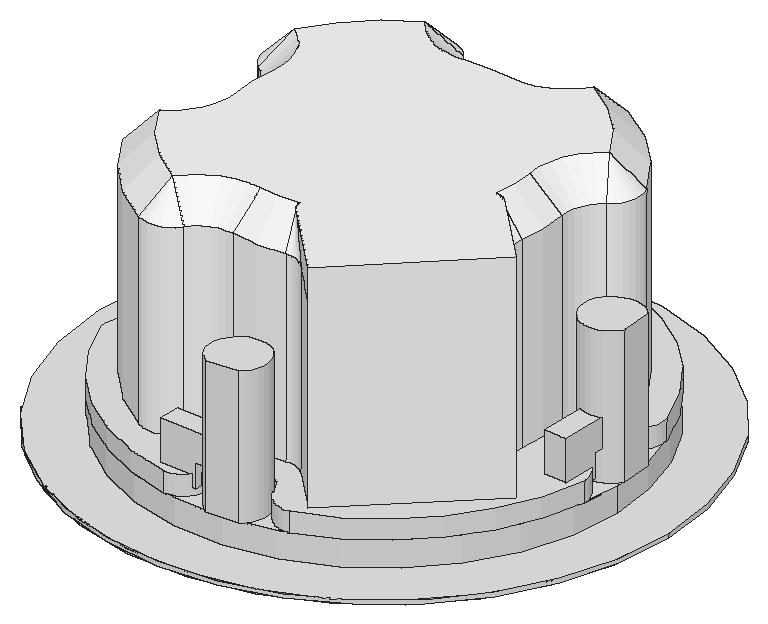
Revit family "CVS4 Micro", category Communication Devices, Revit 2020
Family settings
  Maintain Annotation Orientation = No
  Round Connector Dimension = Use Diameter
  Part Type = Normal
  Work Plane-Based = Yes
  Always vertical = No
  Cut with Voids When Loaded = Yes
  Shared = No
  Room Calculation Point = No
Parameters
  White [instance] = yes
  Weight (kg) [instance] = 6.2  # constant formula
  Thickness [instance] = 12 mm
  Taps [instance] = "15, 7.5, 3.75, 1.9"  # constant formula
  Sensitivity [instance] = 87  # constant formula
  SPL Max (Peak) [instance] = 109  # constant formula
  Power Handling (Average) [instance] = 40  # constant formula
  Model = "CVS4 Micro"
  Manufacturer = "Tannoy"
  Impedance [instance] = 6  # constant formula
  Grille [instance] = yes
  Default Elevation = 0 mm
  Black [instance] = not(White)  # no
Reference planes
  plane 1 "Center (Front/Back)": y = 0
  plane 2: z = 0
  plane 3 "Center (Left/Right)": x = 0
Forms (mm)
  Extrusion 1, solid, not visible
    sketch origin (0, 0, 0) x (1, 0, 0) y (0, 1, 0)
      loop
        line (-500, 500) -> (-500, -500) -> (500, -500) -> (500, 500) -> (-500, 500)
    from 0 to 12 <- "Thickness"
  Extrusion 2, void
    sketch origin (0, 0, 0) x (1, 0, 0) y (0, 1, 0)
      loop
        circle (0, 0) r 90
    from 0 to 12 <- "Thickness"
Cuts and joins
  Extrusion 2 cuts Extrusion 1
Dimensions and locks
  aligned and locked: level to plane 2
Nested families
  nested 1: "CVS4 Micro - base2" at (0, 0, 0), Thickness <- "Thickness", Grille <- "Grille", White <- "White", type "CVS4 Micro - base2"
    with White yes, Thickness 12 mm, Grille yes, Black no
Connectors
  electrical at (57.491, -52.865, 46.369)
    settings: on nested 1, index 1, voltage 0 V, apparent load 0 VA, apparent load phase1 0 VA, apparent load phase2 0 VA, apparent load phase3 0 VA, power factor 1, load classification "Other", number of poles 1, system type 14, power factor state 1, is connector primary yes, connector utility no, sub classification motor no, connector description "Speaker In"
Definition of nested family "CVS4 Micro - base2"
  Parameters (values of type "CVS4 Micro - base2")
    White [instance] = yes
    Thickness [instance] = 12 mm
    Model = "CVS 4 Micro"
    Manufacturer = "Tannoy"
    Grille [instance] = yes
    Default Elevation = 0 mm
    Black [instance] = not(White)  # no
  Reference planes
    plane 1 "Center (Front/Back)": y = 0
    plane 2: z = 0
    plane 3 "Center (Left/Right)": x = 0
  Lines and regions (mm)
    model lines, detail levels coarse
      curve 1: circle (0, 0, 0) r 106.5 normal (0, 0, 1)
  Dimensions and locks
    aligned and locked: level to plane 2
  Nested families
    nested 1: "CVS4 Micro - base1 - White" at (0, 0, 0), visible <- "White", Thickness <- "Thickness", Grille <- "Grille", type "CVS4 Micro - base1 - White", detail levels medium+fine
      with Thickness 12 mm, Grille yes
    nested 2: "CVS4 Micro - base1 - Black" at (0, 0, 0), visible <- "Black", Thickness <- "Thickness", Grille <- "Grille", type "CVS4 Micro - base1 - Black", detail levels medium+fine
      with Thickness 12 mm, Grille yes
  Definition of nested family "CVS4 Micro - base1 - White"
    Parameters (values of type "CVS4 Micro - base1 - White")
      Thickness [instance] = 12 mm
      Model = "CVS4 Micro"
      Manufacturer = "Tannoy"
      Grille [instance] = yes
      Default Elevation = 0 mm
    Reference planes
      plane 1 "Center (Front/Back)": y = 0
      plane 2: z = 0
      plane 3 "Center (Left/Right)": x = 0
      plane 4 "Driver Plane": z = -1.491
    Forms (mm)
      Extrusion 1, solid
        sketch origin (0, 0, 0) x (1, 0, 0) y (0, 1, 0)
          loop
            circle (0, 0) r 106.5
        from -1.491 to 0
      Blend 2, solid
        base sketch origin (0, 0, 0) x (1, 0, 0) y (0, 1, 0)
          loop
            circle (0, 0) r 106.5
        top sketch origin (0, 0, 0) x (1, 0, 0) y (0, 1, 0)
          loop
            circle (0, 0) r 85.617
        from -1.491 to -6.543
      Extrusion 3, void
        sketch origin (0, 0, 0) x (1, 0, 0) y (0, 1, 0)
          loop
            circle (0, 0) r 83
        from -1.491 to -6.543
      Revolve 4, solid, visible <- "Grille"
        sketch origin (0, 0, 0) x (0, 1, 0) y (0, 0, 1)
          loop
            line (85.057, -6.543) -> (0, -6.543) -> (0, -14.667)
            arc (0, -14.667) -> (41.975, -12.953) -> (83.682, -7.918) r 529.668
            line (83.682, -7.918) -> (85.057, -6.543)
          axis (0, -14.667) -> (0, -6.543)
        angle from 0 to 360
      Extrusion 5, solid
        sketch origin (0, 0, 0) x (1, 0, 0) y (0, 1, 0)
          loop
            circle (0, 0) r 87.221
        from 0 to 9.307
      Extrusion 6, solid
        sketch origin (0, 0, 0) x (1, 0, 0) y (0, 1, 0)
          loop
            arc (14.833, -86.625) -> (7.351, -68.207) -> (3.181, -87.644) r 10.4
            line (3.181, -87.644) -> (14.833, -86.625)
        from 9.307 to 60.2
      Extrusion 7, solid
        sketch origin (153.246, -87.106, 0) x (0.999954, -0.009583, 0) y (0, 0, 1)
          loop
            line (-145.063, 31.12) -> (-171.063, 31.12) -> (-171.063, 12) -> (-158.044, 12) -> (-158.044, 20.727) -> (-145.063, 20.727) -> (-145.063, 31.12)
        from -11.125 to -3.173
      Extrusion 8, solid
        sketch origin (0, 0, 0) x (1, 0, 0) y (0, 1, 0)
          loop
            arc (-36.805, -68.771) -> (-29.201, -69.614) -> (-22.884, -65.3) r 11.01
            arc (-22.884, -65.3) -> (-16.939, -60.429) -> (-9.341, -59.27) r 14.537
            arc (-9.341, -59.27) -> (0.659, -59.852) -> (10.659, -59.27) r 86.243
            arc (10.659, -59.27) -> (14.85, -59.76) -> (18.376, -62.079) r 9.152
            line (18.376, -62.079) -> (32.977, -76.927) -> (76.497, -34.209) -> (61.813, -19.249)
            arc (61.813, -19.249) -> (59.562, -14.687) -> (59.303, -9.607) r 12.577
            arc (59.303, -9.607) -> (60.019, -0.23) -> (59.299, 9.147) r 61.604
            arc (59.299, 9.147) -> (60.278, 16.823) -> (65.186, 22.805) r 14
            arc (65.186, 22.805) -> (69.636, 29.291) -> (68.617, 37.091) r 11
            arc (68.617, 37.091) -> (54.639, 55.665) -> (35.809, 69.294) r 78
            arc (35.809, 69.294) -> (27.979, 70.165) -> (21.575, 65.577) r 11
            arc (21.575, 65.577) -> (16.175, 60.775) -> (9.1, 59.306) r 14
            arc (9.1, 59.306) -> (-0.024, 59.995) -> (-9.147, 59.299) r 60.383
            arc (-9.147, 59.299) -> (-16.821, 60.282) -> (-22.805, 65.186) r 14.022
            arc (-22.805, 65.186) -> (-29.292, 69.632) -> (-37.091, 68.617) r 11.012
            arc (-37.091, 68.617) -> (-55.162, 55.162) -> (-68.617, 37.091) r 77.745
            arc (-68.617, 37.091) -> (-69.632, 29.292) -> (-65.186, 22.805) r 11.012
            arc (-65.186, 22.805) -> (-60.306, 16.862) -> (-59.306, 9.238) r 13.985
            arc (-59.306, 9.238) -> (-59.986, 0.069) -> (-59.306, -9.1) r 62.135
            arc (-59.306, -9.1) -> (-60.967, -16.219) -> (-65.786, -21.716) r 15.054
            arc (-65.786, -21.716) -> (-70.195, -28.097) -> (-69.298, -35.802) r 11
            arc (-69.298, -35.802) -> (-55.558, -54.757) -> (-36.805, -68.771) r 77.858
        from 16.5 to 86
      Blend 9, solid
        base sketch origin (0, 0, 0) x (1, 0, 0) y (0, 1, 0)
          loop
            arc (-36.805, -68.771) -> (-29.201, -69.614) -> (-22.884, -65.3) r 11.01
            arc (-22.884, -65.3) -> (-16.939, -60.429) -> (-9.341, -59.27) r 14.537
            arc (-9.341, -59.27) -> (0.659, -59.852) -> (10.659, -59.27) r 86.243
            arc (10.659, -59.27) -> (14.85, -59.76) -> (18.376, -62.079) r 9.152
            line (18.376, -62.079) -> (32.977, -76.927) -> (76.497, -34.209) -> (61.813, -19.249)
            arc (61.813, -19.249) -> (59.562, -14.687) -> (59.303, -9.607) r 12.577
            arc (59.303, -9.607) -> (60.019, -0.23) -> (59.299, 9.147) r 61.604
            arc (59.299, 9.147) -> (60.278, 16.823) -> (65.186, 22.805) r 14
            arc (65.186, 22.805) -> (69.636, 29.291) -> (68.617, 37.091) r 11
            arc (68.617, 37.091) -> (54.639, 55.665) -> (35.809, 69.294) r 78
            arc (35.809, 69.294) -> (27.979, 70.165) -> (21.575, 65.577) r 11
            arc (21.575, 65.577) -> (16.175, 60.775) -> (9.1, 59.306) r 14
            arc (9.1, 59.306) -> (-0.024, 59.995) -> (-9.147, 59.299) r 60.383
            arc (-9.147, 59.299) -> (-16.821, 60.282) -> (-22.805, 65.186) r 14.022
            arc (-22.805, 65.186) -> (-29.292, 69.632) -> (-37.091, 68.617) r 11.012
            arc (-37.091, 68.617) -> (-55.162, 55.162) -> (-68.617, 37.091) r 77.745
            arc (-68.617, 37.091) -> (-69.632, 29.292) -> (-65.186, 22.805) r 11.012
            arc (-65.186, 22.805) -> (-60.306, 16.862) -> (-59.306, 9.238) r 13.985
            arc (-59.306, 9.238) -> (-59.986, 0.069) -> (-59.306, -9.1) r 62.135
            arc (-59.306, -9.1) -> (-60.967, -16.219) -> (-65.786, -21.716) r 15.054
            arc (-65.786, -21.716) -> (-70.195, -28.097) -> (-69.298, -35.802) r 11
            arc (-69.298, -35.802) -> (-55.558, -54.757) -> (-36.805, -68.771) r 77.858
        top sketch origin (0, 0, 0) x (1, 0, 0) y (0, 1, 0)
          loop
            arc (7.016, -48.495) -> (7.394, -50.368) -> (8.447, -51.962) r 4.994
            line (8.447, -51.962) -> (32.977, -76.927) -> (76.497, -34.209) -> (51.98, -9.231)
            arc (51.98, -9.231) -> (50.316, -8.166) -> (48.388, -7.734) r 5.687
            arc (48.388, -7.734) -> (49, -0.134) -> (48.427, 7.47) r 49.045
            arc (48.427, 7.47) -> (50.177, 21.177) -> (58.94, 31.86) r 25
            arc (58.94, 31.86) -> (46.982, 47.864) -> (30.759, 59.522) r 65.533
            arc (30.759, 59.522) -> (20.833, 50.807) -> (7.852, 48.367) r 25
            arc (7.852, 48.367) -> (0.194, 49) -> (-7.47, 48.427) r 49
            arc (-7.47, 48.427) -> (-21.177, 50.177) -> (-31.86, 58.94) r 25
            arc (-31.86, 58.94) -> (-47.376, 47.376) -> (-58.94, 31.86) r 67
            arc (-58.94, 31.86) -> (-50.163, 21.182) -> (-48.427, 7.47) r 24.917
            arc (-48.427, 7.47) -> (-49.008, -0.194) -> (-48.367, -7.852) r 48.363
            arc (-48.367, -7.852) -> (-50.807, -20.833) -> (-59.522, -30.759) r 25
            arc (-59.522, -30.759) -> (-47.815, -46.933) -> (-31.86, -58.94) r 67
            arc (-31.86, -58.94) -> (-21.177, -50.177) -> (-7.47, -48.427) r 25
            arc (-7.47, -48.427) -> (-0.23, -48.999) -> (7.016, -48.495) r 49
        from 86 to 97.057
      Extrusion 10, solid
        sketch origin (0, 0, 0) x (1, 0, 0) y (0, 1, 0)
          loop
            arc (13.803, 86.121) -> (7.267, 83.579) -> (4.067, 77.34) r 9.875
            arc (4.067, 77.34) -> (-6.449, 66.979) -> (-18.749, 75.143) r 11.711
            arc (-18.749, 75.143) -> (-23.081, 80.657) -> (-29.982, 81.905) r 9.875
            arc (-29.982, 81.905) -> (-67.302, 55.479) -> (-86.121, 13.803) r 87.221
            arc (-86.121, 13.803) -> (-83.579, 7.267) -> (-77.34, 4.067) r 9.875
            arc (-77.34, 4.067) -> (-66.979, -6.449) -> (-75.143, -18.749) r 11.711
            arc (-75.143, -18.749) -> (-80.657, -23.081) -> (-81.905, -29.982) r 9.875
            arc (-81.905, -29.982) -> (-55.479, -67.302) -> (-13.803, -86.121) r 87.221
            arc (-13.803, -86.121) -> (-7.267, -83.579) -> (-4.067, -77.34) r 9.875
            arc (-4.067, -77.34) -> (6.449, -66.979) -> (18.749, -75.143) r 11.711
            arc (18.749, -75.143) -> (23.081, -80.657) -> (29.982, -81.905) r 9.875
            arc (29.982, -81.905) -> (67.302, -55.479) -> (86.121, -13.803) r 87.221
            arc (86.121, -13.803) -> (83.579, -7.267) -> (77.34, -4.067) r 9.875
            arc (77.34, -4.067) -> (66.979, 6.449) -> (75.143, 18.749) r 11.711
            arc (75.143, 18.749) -> (80.657, 23.081) -> (81.905, 29.982) r 9.875
            arc (81.905, 29.982) -> (55.479, 67.302) -> (13.803, 86.121) r 87.221
        from 9.307 to 16.5
      Extrusion 11, solid
        sketch origin (0, 0, 0) x (0, 1, 0) y (-1, 0, 0)
          loop
            arc (14.833, -86.625) -> (7.351, -68.207) -> (3.181, -87.644) r 10.4
            line (3.181, -87.644) -> (14.833, -86.625)
        from 9.307 to 60.2
      Extrusion 12, solid
        sketch origin (87.106, 153.246, 0) x (0.009583, 0.999954, 0) y (0, 0, 1)
          loop
            line (-145.063, 31.12) -> (-171.063, 31.12) -> (-171.063, 12) -> (-158.044, 12) -> (-158.044, 20.727) -> (-145.063, 20.727) -> (-145.063, 31.12)
        from -11.125 to -3.173
      Extrusion 13, solid
        sketch origin (0, 0, 0) x (-1, 0, 0) y (0, -1, 0)
          loop
            arc (14.833, -86.625) -> (7.351, -68.207) -> (3.181, -87.644) r 10.4
            line (3.181, -87.644) -> (14.833, -86.625)
        from 9.307 to 60.2
      Extrusion 14, solid
        sketch origin (-153.246, 87.106, 0) x (-0.999954, 0.009583, 0) y (0, 0, 1)
          loop
            line (-145.063, 31.12) -> (-171.063, 31.12) -> (-171.063, 12) -> (-158.044, 12) -> (-158.044, 20.727) -> (-145.063, 20.727) -> (-145.063, 31.12)
        from -11.125 to -3.173
      Extrusion 15, solid
        sketch origin (0, 0, 0) x (0, -1, 0) y (1, 0, 0)
          loop
            arc (14.833, -86.625) -> (7.351, -68.207) -> (3.181, -87.644) r 10.4
            line (3.181, -87.644) -> (14.833, -86.625)
        from 9.307 to 60.2
      Extrusion 16, solid
        sketch origin (-87.106, -153.246, 0) x (-0.009583, -0.999954, 0) y (0, 0, 1)
          loop
            line (-145.063, 31.12) -> (-171.063, 31.12) -> (-171.063, 12) -> (-158.044, 12) -> (-158.044, 20.727) -> (-145.063, 20.727) -> (-145.063, 31.12)
        from -11.125 to -3.173
    Cuts and joins
      Extrusion 3 cuts Extrusion 1
      joined: Extrusion 1, Extrusion 5, Extrusion 10
      Extrusion 3 cuts Blend 2
      joined: Extrusion 8, Blend 9
    Lines and regions (mm)
      Split face 1
        outline origin (4.298, -4.479, 97.057) x (0.988312, -0.152447, 0) y (0.152447, 0.988312, 0)
          loop
            arc (44.071, 3.504) -> (42.271, 2.846) -> (40.851, 1.559) r 5
            line (40.851, 1.559) -> (10.326, -39.297)
            arc (10.326, -39.297) -> (9.476, -41.098) -> (9.396, -43.087) r 5
      Split face 2
        outline origin (54.737, -55.568, 86) x (0.713651, 0.700501, 0) y (0, 0, 1)
          loop
            circle (3.859, -39.631) r 11
      model lines
        curve 1: circle (0, 11, -1.491) r 19.106 normal (0, 0, 1)
        curve 2: circle (0, 11, -1.491) r 10.233 normal (0, 0, 1)
        curve 3: circle (0, 11, -1.491) r 35.95 normal (0, 0, 1)
        curve 4: circle (0, 11, -1.491) r 51 normal (0, 0, 1)
        curve 5: circle (-0.003, 11.003, -1.491) r 62.358 normal (0, 0, 1)
        curve 6: arc (67.309, -24.015, -1.491) -> (71.4, -3.026, -1.491) -> (69.099, 18.234, -1.491) r 71.465
        curve 7: arc (69.099, 18.234, -1.491) -> (66.585, 19.95, -1.491) -> (64.527, 17.707, -1.491) r 2.325
        curve 8: arc (57.229, -19.555, -1.491) -> (63.665, -1.47, -1.491) -> (64.527, 17.707, -1.491) r 64.87
        curve 9: arc (57.229, -19.555, -1.491) -> (59.868, -27.211, -1.491) -> (67.309, -24.015, -1.491) r 5.526
        curve 10: circle (0, -64.262, -1.491) r 8.5 normal (0, 0, 1)
        curve 11: line (-1.013, -59.753, -1.491) -> (1.009, -59.753, -1.491)
        curve 12: line (-1.013, -68.771, -1.491) -> (-1.013, -59.753, -1.491)
        curve 13: line (1.009, -68.771, -1.491) -> (-1.013, -68.771, -1.491)
        curve 14: line (1.009, -59.753, -1.491) -> (1.009, -68.771, -1.491)
        curve 15: arc (-67.309, -24.015, -1.491) -> (-71.4, -3.026, -1.491) -> (-69.099, 18.234, -1.491) r 71.465
        curve 16: arc (-69.099, 18.234, -1.491) -> (-66.585, 19.95, -1.491) -> (-64.527, 17.707, -1.491) r 2.325
        curve 17: arc (-57.229, -19.555, -1.491) -> (-63.665, -1.47, -1.491) -> (-64.527, 17.707, -1.491) r 64.87
        curve 18: arc (-57.229, -19.555, -1.491) -> (-59.868, -27.211, -1.491) -> (-67.309, -24.015, -1.491) r 5.526
    Dimensions and locks
      locked: Extrusion 7 sketch curve to Extrusion 7 sketch curve at 19.12
      locked: Extrusion 7 sketch curve to Extrusion 7 sketch curve at 8.727
      "Thickness": cut or joined group of Extrusion 1, Extrusion 3, Extrusion 5, Extrusion 10 to Extrusion 7 sketch curve
      locked: Extrusion 12 sketch curve to Extrusion 12 sketch curve at 19.12
      locked: Extrusion 12 sketch curve to Extrusion 12 sketch curve at 8.727
      locked: Extrusion 14 sketch curve to Extrusion 14 sketch curve at 19.12
      locked: Extrusion 14 sketch curve to Extrusion 14 sketch curve at 8.727
      locked: Extrusion 16 sketch curve to Extrusion 16 sketch curve at 19.12
      locked: Extrusion 16 sketch curve to Extrusion 16 sketch curve at 8.727
      "Thickness": Extrusion 14 sketch curve to cut or joined group of Extrusion 1, Extrusion 3, Extrusion 5, Extrusion 10
      "Thickness": Extrusion 16 sketch curve to cut or joined group of Extrusion 1, Extrusion 3, Extrusion 5, Extrusion 10
      "Thickness": cut or joined group of Extrusion 1, Extrusion 3, Extrusion 5, Extrusion 10 to Extrusion 12 sketch curve
      aligned and locked: level to plane 2
    Automatic sketch dimensions
      curve 1 to curve 2 = 0 mm  (x2)
      curve 1 to curve 3 = 0 mm  (x2)
      curve 1 to curve 4 = 0 mm  (x2)
      curve 2 to curve 3 = 0 mm  (x2)
      curve 2 to curve 4 = 0 mm  (x2)
      curve 3 to curve 4 = 0 mm  (x2)
      curve 4 to plane 3 "Center (Left/Right)" = 0 mm
      curve 10 to plane 3 "Center (Left/Right)" = 0 mm
      curve 7 to plane 1 "Center (Front/Back)" = 17.641 mm
      curve 16 to plane 1 "Center (Front/Back)" = 17.641 mm
      curve 5 to plane 3 "Center (Left/Right)" = 0.003 mm
      curve 5 to plane 1 "Center (Front/Back)" = 11.003 mm
      curve 5 to curve 4 = 0.003 mm
      curve 1 to curve 8 = 0.001 mm
      curve 5 to curve 17 = 0.004 mm
      curve 6 to plane 1 "Center (Front/Back)" = 0 mm
      curve 15 to plane 1 "Center (Front/Back)" = 0 mm
      plane 1 "Center (Front/Back)" to curve 18 = 22.158 mm
      plane 1 "Center (Front/Back)" to curve 9 = 22.158 mm
      curve 12 to plane 3 "Center (Left/Right)" = 1.013 mm
      plane 1 "Center (Front/Back)" to curve 12 = 59.753 mm
      curve 11 to curve 10 = 4.509 mm
      curve 10 to curve 13 = 4.509 mm
      curve 18 to plane 3 "Center (Left/Right)" = 62.104 mm
      curve 16 to curve 18 = 4.747 mm
      curve 17 to curve 5 = 0.002 mm
      curve 6 to plane 3 "Center (Left/Right)" = 0 mm
      plane 3 "Center (Left/Right)" to curve 15 = 0 mm
      plane 3 "Center (Left/Right)" to curve 8 = 0.004 mm
      plane 3 "Center (Left/Right)" to curve 14 = 1.009 mm
      plane 3 "Center (Left/Right)" to curve 9 = 62.104 mm
      curve 9 to curve 7 = 4.747 mm
      curve 8 to curve 7 = 0.066 mm
      curve 16 to curve 16 = 0.066 mm
      curve 16 to curve 16 = 0.593 mm
      curve 6 to curve 7 = 0.593 mm
      curve 7 to curve 6 = 0 mm
      curve 15 to curve 16 = 0 mm
      curve 18 to curve 17 = 0 mm
      curve 9 to curve 8 = 0 mm
      plane 1 "Center (Front/Back)" to Extrusion 3 sketch curve = 0 mm
      Extrusion 3 sketch curve to plane 3 "Center (Left/Right)" = 0 mm
      plane 1 "Center (Front/Back)" to Extrusion 1 sketch curve = 0 mm
      Extrusion 1 sketch curve to plane 3 "Center (Left/Right)" = 0 mm
      plane 1 "Center (Front/Back)" to Blend 2 sketch curve = 0 mm  (x2)
      Blend 2 sketch curve to plane 3 "Center (Left/Right)" = 0 mm  (x2)
      Revolve 4 sketch curve to plane 1 "Center (Front/Back)" = 0 mm  (x2)
      plane 1 "Center (Front/Back)" to Revolve 4 sketch curve = 0.608 mm
      Revolve 4 sketch curve to Revolve 4 sketch curve = 1.374 mm
      Revolve 4 sketch curve to level = 14.667 mm
      Revolve 4 sketch curve to plane 4 "Driver Plane" = 6.427 mm
      Revolve 4 sketch curve to plane 4 "Driver Plane" = 5.053 mm
      Revolve 4 sketch curve to Revolve 4 sketch curve = 0 mm  (x2)
      Revolve 4 sketch curve to Revolve 4 sketch curve = 85.057 mm
      plane 1 "Center (Front/Back)" to Extrusion 5 sketch curve = 0 mm
      Extrusion 5 sketch curve to plane 3 "Center (Left/Right)" = 0 mm
      Extrusion 10 sketch curve to Extrusion 10 sketch curve = 0 mm  (x14)
      plane 1 "Center (Front/Back)" to Extrusion 10 sketch curve = 0 mm
      Extrusion 10 sketch curve to plane 3 "Center (Left/Right)" = 0 mm
      Extrusion 10 sketch curve to plane 3 "Center (Left/Right)" = 7.572 mm
      Extrusion 10 sketch curve to plane 3 "Center (Left/Right)" = 13.881 mm
      plane 1 "Center (Front/Back)" to Extrusion 10 sketch curve = 28.175 mm
      Extrusion 10 sketch curve to plane 1 "Center (Front/Back)" = 13.881 mm
      Extrusion 10 sketch curve to Extrusion 10 sketch curve = 4.05 mm  (x4)
      plane 1 "Center (Front/Back)" to Extrusion 10 sketch curve = 7.572 mm
      Extrusion 10 sketch curve to Extrusion 10 sketch curve = 6.439 mm  (x4)
      plane 3 "Center (Left/Right)" to Extrusion 10 sketch curve = 7.572 mm
      Extrusion 10 sketch curve to Extrusion 10 sketch curve = 20.603 mm  (x2)
      Extrusion 10 sketch curve to plane 1 "Center (Front/Back)" = 28.175 mm
      plane 3 "Center (Left/Right)" to Extrusion 10 sketch curve = 72.197 mm
      plane 1 "Center (Front/Back)" to Extrusion 10 sketch curve = 13.881 mm
      Extrusion 10 sketch curve to plane 1 "Center (Front/Back)" = 7.572 mm
      Extrusion 10 sketch curve to plane 3 "Center (Left/Right)" = 4.067 mm
      Extrusion 10 sketch curve to Extrusion 10 sketch curve = 0.079 mm  (x2)
      Extrusion 10 sketch curve to Extrusion 10 sketch curve = 1.807 mm  (x2)
      Extrusion 10 sketch curve to Extrusion 10 sketch curve = 2.946 mm  (x2)
      Extrusion 10 sketch curve to Extrusion 10 sketch curve = 9.709 mm  (x2)
      Extrusion 10 sketch curve to Extrusion 10 sketch curve = 9.875 mm
      Extrusion 10 sketch curve to Extrusion 10 sketch curve = 11.233 mm
      plane 3 "Center (Left/Right)" to Extrusion 10 sketch curve = 13.881 mm
      plane 3 "Center (Left/Right)" to Extrusion 6 sketch curve = 3.181 mm
      plane 3 "Center (Left/Right)" to Extrusion 6 sketch curve = 8.258 mm
      Extrusion 6 sketch curve to Extrusion 6 sketch curve = 6.575 mm
      plane 1 "Center (Front/Back)" to Extrusion 6 sketch curve = 87.644 mm
      Extrusion 6 sketch curve to Extrusion 6 sketch curve = 1.019 mm
      Extrusion 11 sketch curve to plane 1 "Center (Front/Back)" = 3.181 mm
      Extrusion 11 sketch curve to plane 1 "Center (Front/Back)" = 8.258 mm
      Extrusion 11 sketch curve to Extrusion 11 sketch curve = 6.575 mm
      plane 3 "Center (Left/Right)" to Extrusion 11 sketch curve = 87.644 mm
      Extrusion 11 sketch curve to Extrusion 11 sketch curve = 1.019 mm
      Extrusion 13 sketch curve to plane 3 "Center (Left/Right)" = 3.181 mm
      Extrusion 13 sketch curve to plane 3 "Center (Left/Right)" = 8.258 mm
      Extrusion 13 sketch curve to Extrusion 13 sketch curve = 6.575 mm
      Extrusion 13 sketch curve to plane 1 "Center (Front/Back)" = 87.644 mm
      Extrusion 13 sketch curve to Extrusion 13 sketch curve = 1.019 mm
      plane 1 "Center (Front/Back)" to Extrusion 15 sketch curve = 3.181 mm
      plane 1 "Center (Front/Back)" to Extrusion 15 sketch curve = 8.258 mm
      Extrusion 15 sketch curve to Extrusion 15 sketch curve = 6.575 mm
      Extrusion 15 sketch curve to plane 3 "Center (Left/Right)" = 87.644 mm
      Extrusion 15 sketch curve to Extrusion 15 sketch curve = 1.019 mm
      plane 1 "Center (Front/Back)" to Extrusion 8 sketch curve = 9.341 mm
      Extrusion 8 sketch curve to Extrusion 8 sketch curve = 1.22 mm
      Extrusion 8 sketch curve to Extrusion 8 sketch curve = 14.836 mm
      Extrusion 8 sketch curve to Extrusion 8 sketch curve = 14.213 mm
      Extrusion 8 sketch curve to plane 3 "Center (Left/Right)" = 31.865 mm
      Extrusion 8 sketch curve to plane 3 "Center (Left/Right)" = 31.864 mm
      Extrusion 8 sketch curve to plane 3 "Center (Left/Right)" = 11.271 mm
      Extrusion 8 sketch curve to plane 3 "Center (Left/Right)" = 11.026 mm
      plane 1 "Center (Front/Back)" to Extrusion 8 sketch curve = 0.245 mm
      Extrusion 8 sketch curve to plane 3 "Center (Left/Right)" = 1.586 mm
      Extrusion 8 sketch curve to plane 3 "Center (Left/Right)" = 0.188 mm
      Extrusion 8 sketch curve to plane 3 "Center (Left/Right)" = 0.106 mm
      plane 3 "Center (Left/Right)" to Extrusion 8 sketch curve = 0 mm  (x2)
      plane 3 "Center (Left/Right)" to Extrusion 8 sketch curve = 0.659 mm
      Extrusion 8 sketch curve to plane 1 "Center (Front/Back)" = 0.069 mm
      plane 3 "Center (Left/Right)" to Extrusion 8 sketch curve = 2.149 mm
      plane 3 "Center (Left/Right)" to Extrusion 8 sketch curve = 9.887 mm
      plane 3 "Center (Left/Right)" to Extrusion 8 sketch curve = 11.72 mm
      Extrusion 8 sketch curve to Extrusion 8 sketch curve = 6.656 mm
      Extrusion 8 sketch curve to Extrusion 8 sketch curve = 20.871 mm
      Extrusion 8 sketch curve to Extrusion 8 sketch curve = 14.601 mm
      Extrusion 8 sketch curve to Extrusion 8 sketch curve = 28.181 mm
      plane 1 "Center (Front/Back)" to Extrusion 8 sketch curve = 19.249 mm
      Extrusion 8 sketch curve to Extrusion 8 sketch curve = 2.873 mm
      Extrusion 8 sketch curve to Extrusion 8 sketch curve = 9.921 mm
      Extrusion 8 sketch curve to plane 1 "Center (Front/Back)" = 11.281 mm
      Extrusion 8 sketch curve to Extrusion 8 sketch curve = 1.401 mm
      plane 1 "Center (Front/Back)" to Extrusion 8 sketch curve = 34.209 mm
      Extrusion 8 sketch curve to Extrusion 8 sketch curve = 14.685 mm
      Extrusion 8 sketch curve to Extrusion 8 sketch curve = 3.147 mm
      Extrusion 8 sketch curve to Extrusion 8 sketch curve = 6.281 mm
      Extrusion 8 sketch curve to Extrusion 8 sketch curve = 5.349 mm
      Extrusion 8 sketch curve to Extrusion 8 sketch curve = 14.848 mm
      Extrusion 8 sketch curve to Extrusion 8 sketch curve = 21.417 mm
      plane 1 "Center (Front/Back)" to Extrusion 8 sketch curve = 11.519 mm
      plane 1 "Center (Front/Back)" to Extrusion 8 sketch curve = 0.388 mm
      plane 1 "Center (Front/Back)" to Extrusion 8 sketch curve = 0.105 mm
      Extrusion 8 sketch curve to plane 1 "Center (Front/Back)" = 0 mm
      Extrusion 8 sketch curve to plane 1 "Center (Front/Back)" = 0.188 mm
      Extrusion 8 sketch curve to plane 1 "Center (Front/Back)" = 11.301 mm
      Extrusion 8 sketch curve to Extrusion 8 sketch curve = 26.203 mm
      Extrusion 8 sketch curve to Extrusion 8 sketch curve = 20.579 mm
      Extrusion 8 sketch curve to Extrusion 8 sketch curve = 20.563 mm
      Extrusion 8 sketch curve to Extrusion 8 sketch curve = 27.06 mm
      Extrusion 8 sketch curve to Extrusion 8 sketch curve = 27.662 mm
      Extrusion 8 sketch curve to Extrusion 8 sketch curve = 14.234 mm
      Extrusion 8 sketch curve to Extrusion 8 sketch curve = 0.125 mm
      Extrusion 8 sketch curve to Extrusion 8 sketch curve = 9.776 mm
      Extrusion 8 sketch curve to Extrusion 8 sketch curve = 0 mm  (x13)
      Extrusion 8 sketch curve to Extrusion 8 sketch curve = 9.692 mm
      Extrusion 8 sketch curve to Extrusion 8 sketch curve = 6.264 mm
      plane 1 "Center (Front/Back)" to Extrusion 8 sketch curve = 9.1 mm
      Extrusion 8 sketch curve to Extrusion 8 sketch curve = 4.94 mm
      Extrusion 8 sketch curve to Extrusion 8 sketch curve = 8.981 mm
      plane 3 "Center (Left/Right)" to Extrusion 8 sketch curve = 9.1 mm
      Extrusion 8 sketch curve to plane 1 "Center (Front/Back)" = 9.147 mm
      plane 1 "Center (Front/Back)" to Blend 9 sketch curve = 9.341 mm
      Blend 9 sketch curve to plane 3 "Center (Left/Right)" = 74.358 mm
      Blend 9 sketch curve to Blend 9 sketch curve = 1.22 mm
      Blend 9 sketch curve to Blend 9 sketch curve = 14.836 mm
      Blend 9 sketch curve to Blend 9 sketch curve = 14.213 mm
      Blend 9 sketch curve to plane 3 "Center (Left/Right)" = 31.865 mm
      Blend 9 sketch curve to plane 3 "Center (Left/Right)" = 31.864 mm
      Blend 9 sketch curve to plane 3 "Center (Left/Right)" = 11.271 mm
      Blend 9 sketch curve to plane 3 "Center (Left/Right)" = 11.026 mm
      plane 1 "Center (Front/Back)" to Blend 9 sketch curve = 0.245 mm
      Blend 9 sketch curve to plane 3 "Center (Left/Right)" = 1.586 mm
      Blend 9 sketch curve to plane 3 "Center (Left/Right)" = 0.188 mm
      Blend 9 sketch curve to plane 3 "Center (Left/Right)" = 0.106 mm
      plane 3 "Center (Left/Right)" to Blend 9 sketch curve = 0 mm  (x3)
      plane 3 "Center (Left/Right)" to Blend 9 sketch curve = 0.659 mm
      Blend 9 sketch curve to plane 1 "Center (Front/Back)" = 0.069 mm
      plane 3 "Center (Left/Right)" to Blend 9 sketch curve = 2.149 mm
      plane 3 "Center (Left/Right)" to Blend 9 sketch curve = 9.887 mm  (x2)
      plane 3 "Center (Left/Right)" to Blend 9 sketch curve = 11.72 mm
      Blend 9 sketch curve to Blend 9 sketch curve = 6.656 mm
      Blend 9 sketch curve to Blend 9 sketch curve = 20.871 mm  (x2)
      Blend 9 sketch curve to Blend 9 sketch curve = 14.601 mm
      Blend 9 sketch curve to Blend 9 sketch curve = 28.181 mm
      plane 1 "Center (Front/Back)" to Blend 9 sketch curve = 19.249 mm
      Blend 9 sketch curve to Blend 9 sketch curve = 2.873 mm
      Blend 9 sketch curve to Blend 9 sketch curve = 9.921 mm
      Blend 9 sketch curve to plane 1 "Center (Front/Back)" = 11.281 mm  (x2)
      Blend 9 sketch curve to Blend 9 sketch curve = 1.401 mm
      plane 1 "Center (Front/Back)" to Blend 9 sketch curve = 34.209 mm  (x2)
      Blend 9 sketch curve to Blend 9 sketch curve = 14.685 mm
      plane 1 "Center (Front/Back)" to Blend 9 sketch curve = 58.931 mm
      Blend 9 sketch curve to Blend 9 sketch curve = 3.147 mm
      Blend 9 sketch curve to Blend 9 sketch curve = 6.281 mm
      Blend 9 sketch curve to Blend 9 sketch curve = 5.349 mm
      Blend 9 sketch curve to Blend 9 sketch curve = 14.848 mm
      Blend 9 sketch curve to Blend 9 sketch curve = 21.417 mm
      plane 1 "Center (Front/Back)" to Blend 9 sketch curve = 11.519 mm
      plane 1 "Center (Front/Back)" to Blend 9 sketch curve = 0.388 mm
      plane 1 "Center (Front/Back)" to Blend 9 sketch curve = 0.105 mm
      Blend 9 sketch curve to plane 1 "Center (Front/Back)" = 0 mm  (x3)
      Blend 9 sketch curve to plane 1 "Center (Front/Back)" = 0.188 mm
      Blend 9 sketch curve to plane 1 "Center (Front/Back)" = 11.301 mm
      Blend 9 sketch curve to Blend 9 sketch curve = 26.203 mm
      Blend 9 sketch curve to Blend 9 sketch curve = 20.579 mm  (x3)
      Blend 9 sketch curve to Blend 9 sketch curve = 20.563 mm
      Blend 9 sketch curve to Blend 9 sketch curve = 27.06 mm
      Blend 9 sketch curve to Blend 9 sketch curve = 27.662 mm
      Blend 9 sketch curve to Blend 9 sketch curve = 14.234 mm
      Blend 9 sketch curve to Blend 9 sketch curve = 0.125 mm
      Blend 9 sketch curve to Blend 9 sketch curve = 9.776 mm
      Blend 9 sketch curve to Blend 9 sketch curve = 0 mm  (x19)
      Blend 9 sketch curve to Blend 9 sketch curve = 9.692 mm
      plane 1 "Center (Front/Back)" to Blend 9 sketch curve = 9.1 mm
      Blend 9 sketch curve to Blend 9 sketch curve = 4.94 mm
      plane 3 "Center (Left/Right)" to Blend 9 sketch curve = 9.1 mm
      Blend 9 sketch curve to plane 1 "Center (Front/Back)" = 9.147 mm
      plane 1 "Center (Front/Back)" to Blend 9 sketch curve = 9.887 mm
      Blend 9 sketch curve to plane 3 "Center (Left/Right)" = 73.284 mm
      Blend 9 sketch curve to Blend 9 sketch curve = 0.239 mm
      Blend 9 sketch curve to plane 3 "Center (Left/Right)" = 11.281 mm  (x2)
      plane 1 "Center (Front/Back)" to Blend 9 sketch curve = 0.003 mm
      Blend 9 sketch curve to plane 3 "Center (Left/Right)" = 0.645 mm
      plane 1 "Center (Front/Back)" to Blend 9 sketch curve = 0.007 mm
      Blend 9 sketch curve to plane 3 "Center (Left/Right)" = 0.044 mm
      Blend 9 sketch curve to plane 3 "Center (Left/Right)" = 0 mm  (x3)
      plane 3 "Center (Left/Right)" to Blend 9 sketch curve = 1.076 mm
      plane 3 "Center (Left/Right)" to Blend 9 sketch curve = 12.009 mm
      plane 3 "Center (Left/Right)" to Blend 9 sketch curve = 32.977 mm
      plane 1 "Center (Front/Back)" to Blend 9 sketch curve = 13.415 mm
      plane 3 "Center (Left/Right)" to Blend 9 sketch curve = 48.128 mm
      plane 1 "Center (Front/Back)" to Blend 9 sketch curve = 9.231 mm
      Blend 9 sketch curve to Blend 9 sketch curve = 3.852 mm
      Blend 9 sketch curve to Blend 9 sketch curve = 21.155 mm
      Blend 9 sketch curve to Blend 9 sketch curve = 24.518 mm
      plane 1 "Center (Front/Back)" to Blend 9 sketch curve = 48.462 mm
      Blend 9 sketch curve to Blend 9 sketch curve = 24.673 mm
      Blend 9 sketch curve to Blend 9 sketch curve = 28.465 mm
      Blend 9 sketch curve to plane 1 "Center (Front/Back)" = 1.096 mm
      Blend 9 sketch curve to plane 1 "Center (Front/Back)" = 11.32 mm
      Blend 9 sketch curve to Blend 9 sketch curve = 72.038 mm
      Blend 9 sketch curve to Blend 9 sketch curve = 0.149 mm
      Blend 9 sketch curve to Blend 9 sketch curve = 13.761 mm
      Blend 9 sketch curve to Blend 9 sketch curve = 14.105 mm
      Blend 9 sketch curve to plane 1 "Center (Front/Back)" = 7.47 mm
      plane 1 "Center (Front/Back)" to Blend 9 sketch curve = 7.852 mm
      Blend 9 sketch curve to Blend 9 sketch curve = 4.994 mm
      plane 3 "Center (Left/Right)" to Blend 9 sketch curve = 7.852 mm
      Blend 9 sketch curve to Blend 9 sketch curve = 1.432 mm
      Blend 9 sketch curve to Blend 9 sketch curve = 3.592 mm
      Split face 1 sketch curve to cut or joined group of Extrusion 8, Blend 9 = 5 mm
      Split face 1 sketch curve to cut or joined group of Extrusion 8, Blend 9 = 35 mm
      Split face 1 sketch curve to Split face 1 sketch curve = 26.519 mm
      Split face 1 sketch curve to Split face 1 sketch curve = 4.006 mm  (x2)
      Split face 1 sketch curve to Split face 1 sketch curve = 40.856 mm
      Split face 1 sketch curve to Split face 1 sketch curve = 2.993 mm
      Split face 1 sketch curve to Split face 1 sketch curve = 0.93 mm
      Split face 1 sketch curve to Split face 1 sketch curve = 3.22 mm
      Split face 1 sketch curve to Split face 1 sketch curve = 0.797 mm
      cut or joined group of Extrusion 8, Blend 9 to Split face 2 sketch curve = 34.35 mm
      Split face 2 sketch curve to cut or joined group of Extrusion 8, Blend 9 = 29.869 mm
      Extrusion 7 sketch curve to Extrusion 7 sketch curve = 13.019 mm
      Extrusion 7 sketch curve to Extrusion 7 sketch curve = 12.981 mm
      Extrusion 12 sketch curve to Extrusion 12 sketch curve = 13.019 mm
      Extrusion 12 sketch curve to Extrusion 12 sketch curve = 12.981 mm
      Extrusion 14 sketch curve to Extrusion 14 sketch curve = 13.019 mm
      Extrusion 14 sketch curve to Extrusion 14 sketch curve = 12.981 mm
      Extrusion 16 sketch curve to Extrusion 16 sketch curve = 13.019 mm
      Extrusion 16 sketch curve to Extrusion 16 sketch curve = 12.981 mm
      radius of curve 1 = 19.106 mm
      radius of curve 2 = 10.233 mm
      radius of curve 3 = 35.95 mm
      radius of curve 4 = 51 mm
      radius of curve 5 = 62.358 mm
      radius of curve 10 = 8.5 mm
      radius of Extrusion 3 sketch curve = 83 mm
      radius of Extrusion 1 sketch curve = 106.5 mm
      radius of Blend 2 sketch curve = 106.5 mm
      radius of Blend 2 sketch curve = 85.617 mm
      radius of Extrusion 5 sketch curve = 87.221 mm
      radius of Split face 2 sketch curve = 11 mm
  Definition of nested family "CVS4 Micro - base1 - Black"
    Parameters (values of type "CVS4 Micro - base1 - Black")
      Thickness [instance] = 12 mm
      Model = "CVS4 Micro"
      Manufacturer = "Tannoy"
      Grille [instance] = yes
      Default Elevation = 0 mm
    Reference planes
      plane 1 "Center (Front/Back)": y = 0
      plane 2: z = 0
      plane 3 "Center (Left/Right)": x = 0
      plane 4 "Driver Plane": z = -1.491
    Forms (mm)
      Extrusion 1, solid
        sketch origin (0, 0, 0) x (1, 0, 0) y (0, 1, 0)
          loop
            circle (0, 0) r 106.5
        from -1.491 to 0
      Blend 2, solid
        base sketch origin (0, 0, 0) x (1, 0, 0) y (0, 1, 0)
          loop
            circle (0, 0) r 106.5
        top sketch origin (0, 0, 0) x (1, 0, 0) y (0, 1, 0)
          loop
            circle (0, 0) r 85.617
        from -1.491 to -6.543
      Extrusion 3, void
        sketch origin (0, 0, 0) x (1, 0, 0) y (0, 1, 0)
          loop
            circle (0, 0) r 83
        from -1.491 to -6.543
      Revolve 4, solid, visible <- "Grille"
        sketch origin (0, 0, 0) x (0, 1, 0) y (0, 0, 1)
          loop
            line (85.057, -6.543) -> (0, -6.543) -> (0, -14.667)
            arc (0, -14.667) -> (41.975, -12.953) -> (83.682, -7.918) r 529.668
            line (83.682, -7.918) -> (85.057, -6.543)
          axis (0, -14.667) -> (0, -6.543)
        angle from 0 to 360
      Extrusion 5, solid
        sketch origin (0, 0, 0) x (1, 0, 0) y (0, 1, 0)
          loop
            circle (0, 0) r 87.221
        from 0 to 9.307
      Extrusion 6, solid
        sketch origin (0, 0, 0) x (1, 0, 0) y (0, 1, 0)
          loop
            arc (14.833, -86.625) -> (7.351, -68.207) -> (3.181, -87.644) r 10.4
            line (3.181, -87.644) -> (14.833, -86.625)
        from 9.307 to 60.2
      Extrusion 7, solid
        sketch origin (153.246, -87.106, 0) x (0.999954, -0.009583, 0) y (0, 0, 1)
          loop
            line (-145.063, 31.12) -> (-171.063, 31.12) -> (-171.063, 12) -> (-158.044, 12) -> (-158.044, 20.727) -> (-145.063, 20.727) -> (-145.063, 31.12)
        from -11.125 to -3.173
      Extrusion 8, solid
        sketch origin (0, 0, 0) x (1, 0, 0) y (0, 1, 0)
          loop
            arc (-36.805, -68.771) -> (-29.201, -69.614) -> (-22.884, -65.3) r 11.01
            arc (-22.884, -65.3) -> (-16.939, -60.429) -> (-9.341, -59.27) r 14.537
            arc (-9.341, -59.27) -> (0.659, -59.852) -> (10.659, -59.27) r 86.243
            arc (10.659, -59.27) -> (14.85, -59.76) -> (18.376, -62.079) r 9.152
            line (18.376, -62.079) -> (32.977, -76.927) -> (76.497, -34.209) -> (61.813, -19.249)
            arc (61.813, -19.249) -> (59.562, -14.687) -> (59.303, -9.607) r 12.577
            arc (59.303, -9.607) -> (60.019, -0.23) -> (59.299, 9.147) r 61.604
            arc (59.299, 9.147) -> (60.278, 16.823) -> (65.186, 22.805) r 14
            arc (65.186, 22.805) -> (69.636, 29.291) -> (68.617, 37.091) r 11
            arc (68.617, 37.091) -> (54.639, 55.665) -> (35.809, 69.294) r 78
            arc (35.809, 69.294) -> (27.979, 70.165) -> (21.575, 65.577) r 11
            arc (21.575, 65.577) -> (16.175, 60.775) -> (9.1, 59.306) r 14
            arc (9.1, 59.306) -> (-0.024, 59.995) -> (-9.147, 59.299) r 60.383
            arc (-9.147, 59.299) -> (-16.821, 60.282) -> (-22.805, 65.186) r 14.022
            arc (-22.805, 65.186) -> (-29.292, 69.632) -> (-37.091, 68.617) r 11.012
            arc (-37.091, 68.617) -> (-55.162, 55.162) -> (-68.617, 37.091) r 77.745
            arc (-68.617, 37.091) -> (-69.632, 29.292) -> (-65.186, 22.805) r 11.012
            arc (-65.186, 22.805) -> (-60.306, 16.862) -> (-59.306, 9.238) r 13.985
            arc (-59.306, 9.238) -> (-59.986, 0.069) -> (-59.306, -9.1) r 62.135
            arc (-59.306, -9.1) -> (-60.967, -16.219) -> (-65.786, -21.716) r 15.054
            arc (-65.786, -21.716) -> (-70.195, -28.097) -> (-69.298, -35.802) r 11
            arc (-69.298, -35.802) -> (-55.558, -54.757) -> (-36.805, -68.771) r 77.858
        from 16.5 to 86
      Blend 9, solid
        base sketch origin (0, 0, 0) x (1, 0, 0) y (0, 1, 0)
          loop
            arc (-36.805, -68.771) -> (-29.201, -69.614) -> (-22.884, -65.3) r 11.01
            arc (-22.884, -65.3) -> (-16.939, -60.429) -> (-9.341, -59.27) r 14.537
            arc (-9.341, -59.27) -> (0.659, -59.852) -> (10.659, -59.27) r 86.243
            arc (10.659, -59.27) -> (14.85, -59.76) -> (18.376, -62.079) r 9.152
            line (18.376, -62.079) -> (32.977, -76.927) -> (76.497, -34.209) -> (61.813, -19.249)
            arc (61.813, -19.249) -> (59.562, -14.687) -> (59.303, -9.607) r 12.577
            arc (59.303, -9.607) -> (60.019, -0.23) -> (59.299, 9.147) r 61.604
            arc (59.299, 9.147) -> (60.278, 16.823) -> (65.186, 22.805) r 14
            arc (65.186, 22.805) -> (69.636, 29.291) -> (68.617, 37.091) r 11
            arc (68.617, 37.091) -> (54.639, 55.665) -> (35.809, 69.294) r 78
            arc (35.809, 69.294) -> (27.979, 70.165) -> (21.575, 65.577) r 11
            arc (21.575, 65.577) -> (16.175, 60.775) -> (9.1, 59.306) r 14
            arc (9.1, 59.306) -> (-0.024, 59.995) -> (-9.147, 59.299) r 60.383
            arc (-9.147, 59.299) -> (-16.821, 60.282) -> (-22.805, 65.186) r 14.022
            arc (-22.805, 65.186) -> (-29.292, 69.632) -> (-37.091, 68.617) r 11.012
            arc (-37.091, 68.617) -> (-55.162, 55.162) -> (-68.617, 37.091) r 77.745
            arc (-68.617, 37.091) -> (-69.632, 29.292) -> (-65.186, 22.805) r 11.012
            arc (-65.186, 22.805) -> (-60.306, 16.862) -> (-59.306, 9.238) r 13.985
            arc (-59.306, 9.238) -> (-59.986, 0.069) -> (-59.306, -9.1) r 62.135
            arc (-59.306, -9.1) -> (-60.967, -16.219) -> (-65.786, -21.716) r 15.054
            arc (-65.786, -21.716) -> (-70.195, -28.097) -> (-69.298, -35.802) r 11
            arc (-69.298, -35.802) -> (-55.558, -54.757) -> (-36.805, -68.771) r 77.858
        top sketch origin (0, 0, 0) x (1, 0, 0) y (0, 1, 0)
          loop
            arc (7.016, -48.495) -> (7.394, -50.368) -> (8.447, -51.962) r 4.994
            line (8.447, -51.962) -> (32.977, -76.927) -> (76.497, -34.209) -> (51.98, -9.231)
            arc (51.98, -9.231) -> (50.316, -8.166) -> (48.388, -7.734) r 5.687
            arc (48.388, -7.734) -> (49, -0.134) -> (48.427, 7.47) r 49.045
            arc (48.427, 7.47) -> (50.177, 21.177) -> (58.94, 31.86) r 25
            arc (58.94, 31.86) -> (46.982, 47.864) -> (30.759, 59.522) r 65.533
            arc (30.759, 59.522) -> (20.833, 50.807) -> (7.852, 48.367) r 25
            arc (7.852, 48.367) -> (0.194, 49) -> (-7.47, 48.427) r 49
            arc (-7.47, 48.427) -> (-21.177, 50.177) -> (-31.86, 58.94) r 25
            arc (-31.86, 58.94) -> (-47.376, 47.376) -> (-58.94, 31.86) r 67
            arc (-58.94, 31.86) -> (-50.163, 21.182) -> (-48.427, 7.47) r 24.917
            arc (-48.427, 7.47) -> (-49.008, -0.194) -> (-48.367, -7.852) r 48.363
            arc (-48.367, -7.852) -> (-50.807, -20.833) -> (-59.522, -30.759) r 25
            arc (-59.522, -30.759) -> (-47.815, -46.933) -> (-31.86, -58.94) r 67
            arc (-31.86, -58.94) -> (-21.177, -50.177) -> (-7.47, -48.427) r 25
            arc (-7.47, -48.427) -> (-0.23, -48.999) -> (7.016, -48.495) r 49
        from 86 to 97.057
      Extrusion 10, solid
        sketch origin (0, 0, 0) x (1, 0, 0) y (0, 1, 0)
          loop
            arc (13.803, 86.121) -> (7.267, 83.579) -> (4.067, 77.34) r 9.875
            arc (4.067, 77.34) -> (-6.449, 66.979) -> (-18.749, 75.143) r 11.711
            arc (-18.749, 75.143) -> (-23.081, 80.657) -> (-29.982, 81.905) r 9.875
            arc (-29.982, 81.905) -> (-67.302, 55.479) -> (-86.121, 13.803) r 87.221
            arc (-86.121, 13.803) -> (-83.579, 7.267) -> (-77.34, 4.067) r 9.875
            arc (-77.34, 4.067) -> (-66.979, -6.449) -> (-75.143, -18.749) r 11.711
            arc (-75.143, -18.749) -> (-80.657, -23.081) -> (-81.905, -29.982) r 9.875
            arc (-81.905, -29.982) -> (-55.479, -67.302) -> (-13.803, -86.121) r 87.221
            arc (-13.803, -86.121) -> (-7.267, -83.579) -> (-4.067, -77.34) r 9.875
            arc (-4.067, -77.34) -> (6.449, -66.979) -> (18.749, -75.143) r 11.711
            arc (18.749, -75.143) -> (23.081, -80.657) -> (29.982, -81.905) r 9.875
            arc (29.982, -81.905) -> (67.302, -55.479) -> (86.121, -13.803) r 87.221
            arc (86.121, -13.803) -> (83.579, -7.267) -> (77.34, -4.067) r 9.875
            arc (77.34, -4.067) -> (66.979, 6.449) -> (75.143, 18.749) r 11.711
            arc (75.143, 18.749) -> (80.657, 23.081) -> (81.905, 29.982) r 9.875
            arc (81.905, 29.982) -> (55.479, 67.302) -> (13.803, 86.121) r 87.221
        from 9.307 to 16.5
      Extrusion 11, solid
        sketch origin (0, 0, 0) x (0, 1, 0) y (-1, 0, 0)
          loop
            arc (14.833, -86.625) -> (7.351, -68.207) -> (3.181, -87.644) r 10.4
            line (3.181, -87.644) -> (14.833, -86.625)
        from 9.307 to 60.2
      Extrusion 12, solid
        sketch origin (87.106, 153.246, 0) x (0.009583, 0.999954, 0) y (0, 0, 1)
          loop
            line (-145.063, 31.12) -> (-171.063, 31.12) -> (-171.063, 12) -> (-158.044, 12) -> (-158.044, 20.727) -> (-145.063, 20.727) -> (-145.063, 31.12)
        from -11.125 to -3.173
      Extrusion 13, solid
        sketch origin (0, 0, 0) x (-1, 0, 0) y (0, -1, 0)
          loop
            arc (14.833, -86.625) -> (7.351, -68.207) -> (3.181, -87.644) r 10.4
            line (3.181, -87.644) -> (14.833, -86.625)
        from 9.307 to 60.2
      Extrusion 14, solid
        sketch origin (-153.246, 87.106, 0) x (-0.999954, 0.009583, 0) y (0, 0, 1)
          loop
            line (-145.063, 31.12) -> (-171.063, 31.12) -> (-171.063, 12) -> (-158.044, 12) -> (-158.044, 20.727) -> (-145.063, 20.727) -> (-145.063, 31.12)
        from -11.125 to -3.173
      Extrusion 15, solid
        sketch origin (0, 0, 0) x (0, -1, 0) y (1, 0, 0)
          loop
            arc (14.833, -86.625) -> (7.351, -68.207) -> (3.181, -87.644) r 10.4
            line (3.181, -87.644) -> (14.833, -86.625)
        from 9.307 to 60.2
      Extrusion 16, solid
        sketch origin (-87.106, -153.246, 0) x (-0.009583, -0.999954, 0) y (0, 0, 1)
          loop
            line (-145.063, 31.12) -> (-171.063, 31.12) -> (-171.063, 12) -> (-158.044, 12) -> (-158.044, 20.727) -> (-145.063, 20.727) -> (-145.063, 31.12)
        from -11.125 to -3.173
    Cuts and joins
      Extrusion 3 cuts Extrusion 1
      joined: Extrusion 1, Extrusion 5, Extrusion 10
      Extrusion 3 cuts Blend 2
      joined: Extrusion 8, Blend 9
    Lines and regions (mm)
      Split face 1
        outline origin (4.298, -4.479, 97.057) x (0.988312, -0.152447, 0) y (0.152447, 0.988312, 0)
          loop
            arc (44.071, 3.504) -> (42.271, 2.846) -> (40.851, 1.559) r 5
            line (40.851, 1.559) -> (10.326, -39.297)
            arc (10.326, -39.297) -> (9.476, -41.098) -> (9.396, -43.087) r 5
      Split face 2
        outline origin (54.737, -55.568, 86) x (0.713651, 0.700501, 0) y (0, 0, 1)
          loop
            circle (3.859, -39.631) r 11
      model lines
        curve 1: circle (0, 11, -1.491) r 19.106 normal (0, 0, 1)
        curve 2: circle (0, 11, -1.491) r 10.233 normal (0, 0, 1)
        curve 3: circle (0, 11, -1.491) r 35.95 normal (0, 0, 1)
        curve 4: circle (0, 11, -1.491) r 51 normal (0, 0, 1)
        curve 5: circle (-0.003, 11.003, -1.491) r 62.358 normal (0, 0, 1)
        curve 6: arc (67.309, -24.015, -1.491) -> (71.4, -3.026, -1.491) -> (69.099, 18.234, -1.491) r 71.465
        curve 7: arc (69.099, 18.234, -1.491) -> (66.585, 19.95, -1.491) -> (64.527, 17.707, -1.491) r 2.325
        curve 8: arc (57.229, -19.555, -1.491) -> (63.665, -1.47, -1.491) -> (64.527, 17.707, -1.491) r 64.87
        curve 9: arc (57.229, -19.555, -1.491) -> (59.868, -27.211, -1.491) -> (67.309, -24.015, -1.491) r 5.526
        curve 10: circle (0, -64.262, -1.491) r 8.5 normal (0, 0, 1)
        curve 11: line (-1.013, -59.753, -1.491) -> (1.009, -59.753, -1.491)
        curve 12: line (-1.013, -68.771, -1.491) -> (-1.013, -59.753, -1.491)
        curve 13: line (1.009, -68.771, -1.491) -> (-1.013, -68.771, -1.491)
        curve 14: line (1.009, -59.753, -1.491) -> (1.009, -68.771, -1.491)
        curve 15: arc (-67.309, -24.015, -1.491) -> (-71.4, -3.026, -1.491) -> (-69.099, 18.234, -1.491) r 71.465
        curve 16: arc (-69.099, 18.234, -1.491) -> (-66.585, 19.95, -1.491) -> (-64.527, 17.707, -1.491) r 2.325
        curve 17: arc (-57.229, -19.555, -1.491) -> (-63.665, -1.47, -1.491) -> (-64.527, 17.707, -1.491) r 64.87
        curve 18: arc (-57.229, -19.555, -1.491) -> (-59.868, -27.211, -1.491) -> (-67.309, -24.015, -1.491) r 5.526
    Dimensions and locks
      locked: Extrusion 7 sketch curve to Extrusion 7 sketch curve at 19.12
      locked: Extrusion 7 sketch curve to Extrusion 7 sketch curve at 8.727
      "Thickness": cut or joined group of Extrusion 1, Extrusion 3, Extrusion 5, Extrusion 10 to Extrusion 7 sketch curve
      locked: Extrusion 12 sketch curve to Extrusion 12 sketch curve at 19.12
      locked: Extrusion 12 sketch curve to Extrusion 12 sketch curve at 8.727
      locked: Extrusion 14 sketch curve to Extrusion 14 sketch curve at 19.12
      locked: Extrusion 14 sketch curve to Extrusion 14 sketch curve at 8.727
      locked: Extrusion 16 sketch curve to Extrusion 16 sketch curve at 19.12
      locked: Extrusion 16 sketch curve to Extrusion 16 sketch curve at 8.727
      "Thickness": Extrusion 14 sketch curve to cut or joined group of Extrusion 1, Extrusion 3, Extrusion 5, Extrusion 10
      "Thickness": Extrusion 16 sketch curve to cut or joined group of Extrusion 1, Extrusion 3, Extrusion 5, Extrusion 10
      "Thickness": cut or joined group of Extrusion 1, Extrusion 3, Extrusion 5, Extrusion 10 to Extrusion 12 sketch curve
      aligned and locked: level to plane 2
    Automatic sketch dimensions
      curve 1 to curve 2 = 0 mm  (x2)
      curve 1 to curve 3 = 0 mm  (x2)
      curve 1 to curve 4 = 0 mm  (x2)
      curve 2 to curve 3 = 0 mm  (x2)
      curve 2 to curve 4 = 0 mm  (x2)
      curve 3 to curve 4 = 0 mm  (x2)
      curve 4 to plane 3 "Center (Left/Right)" = 0 mm
      curve 10 to plane 3 "Center (Left/Right)" = 0 mm
      curve 7 to plane 1 "Center (Front/Back)" = 17.641 mm
      curve 16 to plane 1 "Center (Front/Back)" = 17.641 mm
      curve 5 to plane 3 "Center (Left/Right)" = 0.003 mm
      curve 5 to plane 1 "Center (Front/Back)" = 11.003 mm
      curve 5 to curve 4 = 0.003 mm
      curve 1 to curve 8 = 0.001 mm
      curve 5 to curve 17 = 0.004 mm
      curve 6 to plane 1 "Center (Front/Back)" = 0 mm
      curve 15 to plane 1 "Center (Front/Back)" = 0 mm
      plane 1 "Center (Front/Back)" to curve 18 = 22.158 mm
      plane 1 "Center (Front/Back)" to curve 9 = 22.158 mm
      curve 12 to plane 3 "Center (Left/Right)" = 1.013 mm
      plane 1 "Center (Front/Back)" to curve 12 = 59.753 mm
      curve 11 to curve 10 = 4.509 mm
      curve 10 to curve 13 = 4.509 mm
      curve 18 to plane 3 "Center (Left/Right)" = 62.104 mm
      curve 16 to curve 18 = 4.747 mm
      curve 17 to curve 5 = 0.002 mm
      curve 6 to plane 3 "Center (Left/Right)" = 0 mm
      plane 3 "Center (Left/Right)" to curve 15 = 0 mm
      plane 3 "Center (Left/Right)" to curve 8 = 0.004 mm
      plane 3 "Center (Left/Right)" to curve 14 = 1.009 mm
      plane 3 "Center (Left/Right)" to curve 9 = 62.104 mm
      curve 9 to curve 7 = 4.747 mm
      curve 8 to curve 7 = 0.066 mm
      curve 16 to curve 16 = 0.066 mm
      curve 16 to curve 16 = 0.593 mm
      curve 6 to curve 7 = 0.593 mm
      curve 7 to curve 6 = 0 mm
      curve 15 to curve 16 = 0 mm
      curve 18 to curve 17 = 0 mm
      curve 9 to curve 8 = 0 mm
      plane 1 "Center (Front/Back)" to Extrusion 3 sketch curve = 0 mm
      Extrusion 3 sketch curve to plane 3 "Center (Left/Right)" = 0 mm
      plane 1 "Center (Front/Back)" to Extrusion 1 sketch curve = 0 mm
      Extrusion 1 sketch curve to plane 3 "Center (Left/Right)" = 0 mm
      plane 1 "Center (Front/Back)" to Blend 2 sketch curve = 0 mm  (x2)
      Blend 2 sketch curve to plane 3 "Center (Left/Right)" = 0 mm  (x2)
      Revolve 4 sketch curve to plane 1 "Center (Front/Back)" = 0 mm  (x2)
      plane 1 "Center (Front/Back)" to Revolve 4 sketch curve = 0.608 mm
      Revolve 4 sketch curve to Revolve 4 sketch curve = 1.374 mm
      Revolve 4 sketch curve to level = 14.667 mm
      Revolve 4 sketch curve to plane 4 "Driver Plane" = 6.427 mm
      Revolve 4 sketch curve to plane 4 "Driver Plane" = 5.053 mm
      Revolve 4 sketch curve to Revolve 4 sketch curve = 0 mm  (x2)
      Revolve 4 sketch curve to Revolve 4 sketch curve = 85.057 mm
      plane 1 "Center (Front/Back)" to Extrusion 5 sketch curve = 0 mm
      Extrusion 5 sketch curve to plane 3 "Center (Left/Right)" = 0 mm
      Extrusion 10 sketch curve to Extrusion 10 sketch curve = 0 mm  (x14)
      plane 1 "Center (Front/Back)" to Extrusion 10 sketch curve = 0 mm
      Extrusion 10 sketch curve to plane 3 "Center (Left/Right)" = 0 mm
      Extrusion 10 sketch curve to plane 3 "Center (Left/Right)" = 7.572 mm
      Extrusion 10 sketch curve to plane 3 "Center (Left/Right)" = 13.881 mm
      plane 1 "Center (Front/Back)" to Extrusion 10 sketch curve = 28.175 mm
      Extrusion 10 sketch curve to plane 1 "Center (Front/Back)" = 13.881 mm
      Extrusion 10 sketch curve to Extrusion 10 sketch curve = 4.05 mm  (x4)
      plane 1 "Center (Front/Back)" to Extrusion 10 sketch curve = 7.572 mm
      Extrusion 10 sketch curve to Extrusion 10 sketch curve = 6.439 mm  (x4)
      plane 3 "Center (Left/Right)" to Extrusion 10 sketch curve = 7.572 mm
      Extrusion 10 sketch curve to Extrusion 10 sketch curve = 20.603 mm  (x2)
      Extrusion 10 sketch curve to plane 1 "Center (Front/Back)" = 28.175 mm
      plane 3 "Center (Left/Right)" to Extrusion 10 sketch curve = 72.197 mm
      plane 1 "Center (Front/Back)" to Extrusion 10 sketch curve = 13.881 mm
      Extrusion 10 sketch curve to plane 1 "Center (Front/Back)" = 7.572 mm
      Extrusion 10 sketch curve to plane 3 "Center (Left/Right)" = 4.067 mm
      Extrusion 10 sketch curve to Extrusion 10 sketch curve = 0.079 mm  (x2)
      Extrusion 10 sketch curve to Extrusion 10 sketch curve = 1.807 mm  (x2)
      Extrusion 10 sketch curve to Extrusion 10 sketch curve = 2.946 mm  (x2)
      Extrusion 10 sketch curve to Extrusion 10 sketch curve = 9.709 mm  (x2)
      Extrusion 10 sketch curve to Extrusion 10 sketch curve = 9.875 mm
      Extrusion 10 sketch curve to Extrusion 10 sketch curve = 11.233 mm
      plane 3 "Center (Left/Right)" to Extrusion 10 sketch curve = 13.881 mm
      plane 3 "Center (Left/Right)" to Extrusion 6 sketch curve = 3.181 mm
      plane 3 "Center (Left/Right)" to Extrusion 6 sketch curve = 8.258 mm
      Extrusion 6 sketch curve to Extrusion 6 sketch curve = 6.575 mm
      plane 1 "Center (Front/Back)" to Extrusion 6 sketch curve = 87.644 mm
      Extrusion 6 sketch curve to Extrusion 6 sketch curve = 1.019 mm
      Extrusion 11 sketch curve to plane 1 "Center (Front/Back)" = 3.181 mm
      Extrusion 11 sketch curve to plane 1 "Center (Front/Back)" = 8.258 mm
      Extrusion 11 sketch curve to Extrusion 11 sketch curve = 6.575 mm
      plane 3 "Center (Left/Right)" to Extrusion 11 sketch curve = 87.644 mm
      Extrusion 11 sketch curve to Extrusion 11 sketch curve = 1.019 mm
      Extrusion 13 sketch curve to plane 3 "Center (Left/Right)" = 3.181 mm
      Extrusion 13 sketch curve to plane 3 "Center (Left/Right)" = 8.258 mm
      Extrusion 13 sketch curve to Extrusion 13 sketch curve = 6.575 mm
      Extrusion 13 sketch curve to plane 1 "Center (Front/Back)" = 87.644 mm
      Extrusion 13 sketch curve to Extrusion 13 sketch curve = 1.019 mm
      plane 1 "Center (Front/Back)" to Extrusion 15 sketch curve = 3.181 mm
      plane 1 "Center (Front/Back)" to Extrusion 15 sketch curve = 8.258 mm
      Extrusion 15 sketch curve to Extrusion 15 sketch curve = 6.575 mm
      Extrusion 15 sketch curve to plane 3 "Center (Left/Right)" = 87.644 mm
      Extrusion 15 sketch curve to Extrusion 15 sketch curve = 1.019 mm
      plane 1 "Center (Front/Back)" to Extrusion 8 sketch curve = 9.341 mm
      Extrusion 8 sketch curve to Extrusion 8 sketch curve = 1.22 mm
      Extrusion 8 sketch curve to Extrusion 8 sketch curve = 14.836 mm
      Extrusion 8 sketch curve to Extrusion 8 sketch curve = 14.213 mm
      Extrusion 8 sketch curve to plane 3 "Center (Left/Right)" = 31.865 mm
      Extrusion 8 sketch curve to plane 3 "Center (Left/Right)" = 31.864 mm
      Extrusion 8 sketch curve to plane 3 "Center (Left/Right)" = 11.271 mm
      Extrusion 8 sketch curve to plane 3 "Center (Left/Right)" = 11.026 mm
      plane 1 "Center (Front/Back)" to Extrusion 8 sketch curve = 0.245 mm
      Extrusion 8 sketch curve to plane 3 "Center (Left/Right)" = 1.586 mm
      Extrusion 8 sketch curve to plane 3 "Center (Left/Right)" = 0.188 mm
      Extrusion 8 sketch curve to plane 3 "Center (Left/Right)" = 0.106 mm
      plane 3 "Center (Left/Right)" to Extrusion 8 sketch curve = 0 mm  (x2)
      plane 3 "Center (Left/Right)" to Extrusion 8 sketch curve = 0.659 mm
      Extrusion 8 sketch curve to plane 1 "Center (Front/Back)" = 0.069 mm
      plane 3 "Center (Left/Right)" to Extrusion 8 sketch curve = 2.149 mm
      plane 3 "Center (Left/Right)" to Extrusion 8 sketch curve = 9.887 mm
      plane 3 "Center (Left/Right)" to Extrusion 8 sketch curve = 11.72 mm
      Extrusion 8 sketch curve to Extrusion 8 sketch curve = 6.656 mm
      Extrusion 8 sketch curve to Extrusion 8 sketch curve = 20.871 mm
      Extrusion 8 sketch curve to Extrusion 8 sketch curve = 14.601 mm
      Extrusion 8 sketch curve to Extrusion 8 sketch curve = 28.181 mm
      plane 1 "Center (Front/Back)" to Extrusion 8 sketch curve = 19.249 mm
      Extrusion 8 sketch curve to Extrusion 8 sketch curve = 2.873 mm
      Extrusion 8 sketch curve to Extrusion 8 sketch curve = 9.921 mm
      Extrusion 8 sketch curve to plane 1 "Center (Front/Back)" = 11.281 mm
      Extrusion 8 sketch curve to Extrusion 8 sketch curve = 1.401 mm
